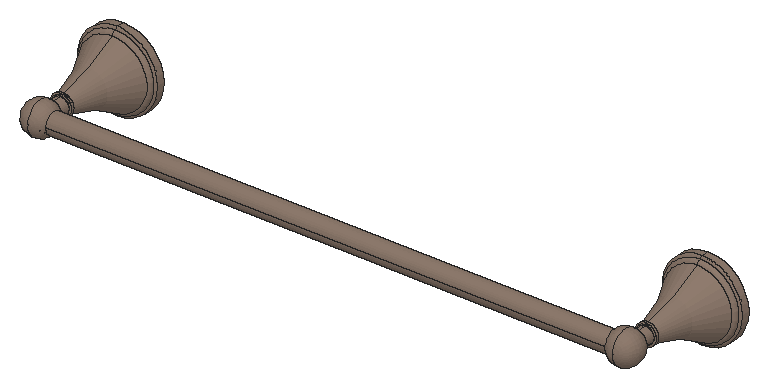
Revit family "Towel Bar-Brizo-Traditional_Series-Bath-Towel Bar-69518_69524", category Specialty Equipment, Revit 2020
Family settings
  Round Connector Dimension = Use Diameter
  Part Type = Normal
  OmniClass Number = 23.45.00.00
  OmniClass Title = Sanitary, Laundry, and Cleaning Equipment
  Work Plane-Based = Yes
  Always vertical = Yes
  Cut with Voids When Loaded = No
  Shared = No
  Room Calculation Point = No
Parameters (values of type "18" Towel Bar - Brillance Brushed Bronze")
  Width = 1' - 6"
  URL = "http://www.brizo.com/"
  Type Comments = "Brillance Brushed Bronze"
  Style = "Towel Bar"  # constant formula
  Product Name = "Traditional Series"  # constant formula
  Product Documentation Link = "https://media.brizo.com/SpecSheet/BSP-A-69518_Rev_A.pdf"
  Model = "69518-BZ"
  Manufacturer = "Brizo"  # constant formula
  Finish = Bronze-Brizo-Venetian Bronze
  Description = "Towel Bar"  # constant formula
  Default Elevation = 4' - 0"
  Assembly Code = "C1030200"
Reference planes (in)
  plane 1 "Bottom": z = 0
  plane 2 "Center (Left/Right)": x = 0
  plane 3 "Center (Front/Back)": y = 5.5625
  plane 4 "Left Mounting": x = -9
  plane 5 "Right Mounting": x = 9
  plane 6 "Towel Bar": y = 2.3875
Forms (in)
  Revolve 1, solid, material "Bronze-Brizo-Venetian Bronze" <- "Finish", detail levels fine
    sketch origin (-9, 0, 0) x (0, 0, 1) y (0, -1, 0)
      loop
        line (0, -5.5625) -> (1.2325, -5.5625) -> (1.2325, -5.33423)
        arc (1.2325, -5.33423) -> (1.19573, -5.30184) -> (1.14988, -5.28458) r 0.13605
        arc (1.14988, -5.28458) -> (1.11967, -5.19926) -> (1.0442, -5.14932) r 0.14258
        arc (1.0442, -5.14932) -> (0.56282, -4.24179) -> (0.27867, -3.25458) r 4.96094
        arc (0.27867, -3.25458) -> (0.3009, -3.239) -> (0.32625, -3.22929) r 0.11071
        line (0.32625, -3.22929) -> (0.32625, -3.16911) -> (0.27844, -3.14682) -> (0.24483, -3.14682) -> (0.22876, -2.84006)
        arc (0.22876, -2.84006) -> (0.48715, -2.2765) -> (0, -1.89301) r 0.50116
        line (0, -1.89301) -> (0, -5.5625)
      axis (0, -5.5625) -> (0, -1.89301)
    angle from 0 to 360
  Revolve 2, solid, material "Bronze-Brizo-Venetian Bronze" <- "Finish", detail levels fine
    sketch origin (9, 0, 0) x (0, 0, 1) y (0, -1, 0)
      loop
        line (0, -5.5625) -> (1.2325, -5.5625) -> (1.2325, -5.33423)
        arc (1.2325, -5.33423) -> (1.19573, -5.30184) -> (1.14988, -5.28458) r 0.13605
        arc (1.14988, -5.28458) -> (1.11967, -5.19926) -> (1.0442, -5.14932) r 0.14258
        arc (1.0442, -5.14932) -> (0.56282, -4.24179) -> (0.27867, -3.25458) r 4.96094
        arc (0.27867, -3.25458) -> (0.3009, -3.239) -> (0.32625, -3.22929) r 0.11071
        line (0.32625, -3.22929) -> (0.32625, -3.16911) -> (0.27844, -3.14682) -> (0.24483, -3.14682) -> (0.22876, -2.84006)
        arc (0.22876, -2.84006) -> (0.48715, -2.2765) -> (0, -1.89301) r 0.50116
        line (0, -1.89301) -> (0, -5.5625)
      axis (0, -5.5625) -> (0, -1.89301)
    angle from 0 to 360
  Extrusion 3, solid, material "Bronze-Brizo-Venetian Bronze" <- "Finish"
    sketch origin (0, 0, 0) x (0, 1, 0) y (0, 0, 1)
      loop
        circle (2.3875, 0) r 0.31496
    from -9 to 9
  Revolve 4, solid, material "Bronze-Brizo-Venetian Bronze" <- "Finish", detail levels coarse+medium
    sketch origin (-9, 0, 0) x (0, 0, 1) y (0, -1, 0)
      loop
        line (0, -5.5625) -> (1.25, -5.5625) -> (1.25, -5.33423) -> (0.21541, -2.63904) -> (0, -2.63904) -> (0, -5.5625)
      axis (0, -5.5625) -> (0, -2.63904)
    angle from 0 to 360
  Revolve 5, solid, material "Bronze-Brizo-Venetian Bronze" <- "Finish", detail levels coarse+medium
    sketch origin (9, 0, 0) x (0, 0, 1) y (0, -1, 0)
      loop
        line (0, -5.5625) -> (1.25, -5.5625) -> (1.25, -5.33423) -> (0.21541, -2.63904) -> (0, -2.63904) -> (0, -5.5625)
      axis (0, -5.5625) -> (0, -2.63904)
    angle from 0 to 360
  Revolve 6, solid, material "Bronze-Brizo-Venetian Bronze" <- "Finish", detail levels medium
    sketch origin (-9, 0, 0) x (0, 0, 1) y (0, -1, 0)
      loop
        arc (0, -2.8875) -> (0.5, -2.3875) -> (0, -1.8875) r 0.5
        line (0, -1.8875) -> (0, -2.8875)
      axis (0, -2.8875) -> (0, -1.8875)
    angle from 0 to 360
  Revolve 7, solid, material "Bronze-Brizo-Venetian Bronze" <- "Finish", detail levels medium
    sketch origin (9, 0, 0) x (0, 0, 1) y (0, -1, 0)
      loop
        arc (0, -2.8875) -> (0.5, -2.3875) -> (0, -1.8875) r 0.5
        line (0, -1.8875) -> (0, -2.8875)
      axis (0, -2.8875) -> (0, -1.8875)
    angle from 0 to 360
Dimensions and locks (in)
  equal spacing: plane 5 "Right Mounting", plane 2 "Center (Left/Right)", plane 4 "Left Mounting"
  "Width": plane 5 "Right Mounting" to plane 4 "Left Mounting"
  Revolve 1 sketch curve to Revolve 1 sketch curve to level = 0' - 0 29/32" locked, 0' - 0.32625" locked
  locked: plane 3 "Center (Front/Back)" to Revolve 1 sketch curve at 2.41568
  Revolve 2 sketch curve to Revolve 2 sketch curve to level = 0' - 0 29/32" locked, 0' - 0.32625" locked
  locked: plane 3 "Center (Front/Back)" to Revolve 2 sketch curve at 2.41568
  plane 3 "Center (Front/Back)" to plane 6 "Towel Bar" = 0' - 3.175"
  locked: plane 6 "Towel Bar" to Extrusion 3 sketch curve at 0
  locked: level to Extrusion 3 sketch curve at 0
  locked: plane 3 "Center (Front/Back)" to Revolve 4 sketch curve at 2.92346
  locked: Revolve 4 sketch curve to plane 1 "Bottom" at 1.25
  locked: plane 3 "Center (Front/Back)" to Revolve 5 sketch curve at 2.92346
  locked: Revolve 5 sketch curve to plane 1 "Bottom" at 1.25
  radius of Revolve 6 sketch curve = 0' - 0 1/2"
  radius of Revolve 7 sketch curve = 0' - 0 1/2"
  aligned and locked: level to plane 1 "Bottom"
  aligned and locked: level to Revolve 1 sketch curve  (x2)
  aligned and locked: plane 3 "Center (Front/Back)" to Revolve 1 sketch curve
  aligned and locked: Revolve 2 sketch curve to level
  aligned and locked: Revolve 2 sketch curve to plane 3 "Center (Front/Back)"
  aligned and locked: Extrusion 3 to plane 4 "Left Mounting"
  aligned and locked: plane 5 "Right Mounting" to Extrusion 3
  aligned and locked: Revolve 4 sketch curve to plane 3 "Center (Front/Back)"
  aligned and locked: Revolve 4 sketch curve to plane 1 "Bottom"
  aligned and locked: level to Revolve 4 sketch curve
  aligned and locked: level to Revolve 5 sketch curve
  aligned and locked: Revolve 5 sketch curve to plane 3 "Center (Front/Back)"
  aligned and locked: Revolve 5 sketch curve to plane 1 "Bottom"
  aligned and locked: Revolve 6 sketch curve to plane 1 "Bottom"  (x2)
  aligned and locked: Revolve 7 sketch curve to plane 1 "Bottom"  (x2)
Automatic sketch dimensions
  level to Revolve 1 sketch curve = 0' - 0.22876"
  plane 3 "Center (Front/Back)" to Revolve 1 sketch curve = 0' - 0.22827"
  Revolve 1 sketch curve to Revolve 1 sketch curve = 0' - 0.08142"
  Revolve 1 sketch curve to Revolve 1 sketch curve = 0' - 0.03361"
  Revolve 1 sketch curve to Revolve 1 sketch curve = 0' - 0.04758"
  Revolve 1 sketch curve to Revolve 1 sketch curve = 0' - 0 19/256"
  Revolve 1 sketch curve to Revolve 1 sketch curve = 0' - 0.22518"
  Revolve 1 sketch curve to Revolve 1 sketch curve = 0' - 0.03687"
  Revolve 1 sketch curve to Revolve 1 sketch curve = 0' - 0.10684"
  Revolve 1 sketch curve to Revolve 1 sketch curve = 0' - 0.08262"
  plane 6 "Towel Bar" to Revolve 1 sketch curve = 0' - 0.00411"
  Revolve 1 sketch curve to Revolve 1 sketch curve = 0' - 4.83627"
  Revolve 1 sketch curve to Revolve 1 sketch curve = 0' - 0.08247"
  Revolve 1 sketch curve to Revolve 1 sketch curve = 0' - 0.02229"
  Revolve 1 sketch curve to Revolve 1 sketch curve = 0' - 0.30675"
  plane 6 "Towel Bar" to Revolve 1 sketch curve = 0' - 0.49449"
  Revolve 1 sketch curve to Revolve 1 sketch curve = 4' - 2.74268"
  Revolve 1 sketch curve to Revolve 1 sketch curve = 0' - 0.08424"
  Revolve 1 sketch curve to Revolve 1 sketch curve = 0' - 0.00246"
  Revolve 1 sketch curve to Revolve 1 sketch curve = 6' - 11.3426"
  level to Revolve 2 sketch curve = 0' - 0.22876"
  plane 3 "Center (Front/Back)" to Revolve 2 sketch curve = 0' - 0.22827"
  Revolve 2 sketch curve to level = 0' - 0"
  Revolve 2 sketch curve to Revolve 2 sketch curve = 0' - 0.08142"
  Revolve 2 sketch curve to Revolve 2 sketch curve = 0' - 0.03361"
  Revolve 2 sketch curve to Revolve 2 sketch curve = 0' - 0.04758"
  Revolve 2 sketch curve to Revolve 2 sketch curve = 0' - 0 19/256"
  Revolve 2 sketch curve to Revolve 2 sketch curve = 0' - 0.22518"
  Revolve 2 sketch curve to Revolve 2 sketch curve = 0' - 0.03687"
  Revolve 2 sketch curve to Revolve 2 sketch curve = 0' - 0.10684"
  Revolve 2 sketch curve to Revolve 2 sketch curve = 0' - 0.08262"
  plane 6 "Towel Bar" to Revolve 2 sketch curve = 0' - 0.00411"
  Revolve 2 sketch curve to Revolve 2 sketch curve = 0' - 4.83627"
  Revolve 2 sketch curve to Revolve 2 sketch curve = 0' - 0.08247"
  Revolve 2 sketch curve to Revolve 2 sketch curve = 0' - 0.02229"
  Revolve 2 sketch curve to Revolve 2 sketch curve = 0' - 0.30675"
  plane 6 "Towel Bar" to Revolve 2 sketch curve = 0' - 0.49449"
  Revolve 2 sketch curve to Revolve 2 sketch curve = 4' - 2.74268"
  Revolve 2 sketch curve to Revolve 2 sketch curve = 0' - 0.08424"
  Revolve 2 sketch curve to Revolve 2 sketch curve = 0' - 0.00246"
  Revolve 2 sketch curve to Revolve 2 sketch curve = 6' - 11.3426"
  level to Revolve 4 sketch curve = 0' - 0.21541"
  plane 3 "Center (Front/Back)" to Revolve 4 sketch curve = 0' - 0.22827"
  Revolve 4 sketch curve to Revolve 4 sketch curve = 4' - 2.74268"
  plane 6 "Towel Bar" to Revolve 4 sketch curve = 6' - 11.83709"
  level to Revolve 5 sketch curve = 0' - 0.21541"
  plane 3 "Center (Front/Back)" to Revolve 5 sketch curve = 0' - 0.22827"
  Revolve 5 sketch curve to Revolve 5 sketch curve = 4' - 2.74268"
  plane 6 "Towel Bar" to Revolve 5 sketch curve = 6' - 11.83709"
  Revolve 6 sketch curve to plane 6 "Towel Bar" = 0' - 0 1/2"
  Revolve 6 sketch curve to plane 3 "Center (Front/Back)" = 4' - 2.74268"
  Revolve 6 sketch curve to Revolve 6 sketch curve = 6' - 11.33709"
  Revolve 7 sketch curve to plane 6 "Towel Bar" = 0' - 0 1/2"
  Revolve 7 sketch curve to plane 3 "Center (Front/Back)" = 4' - 2.74268"
  Revolve 7 sketch curve to Revolve 7 sketch curve = 6' - 11.33709"
  radius of Extrusion 3 sketch curve = 0' - 0.31496"
